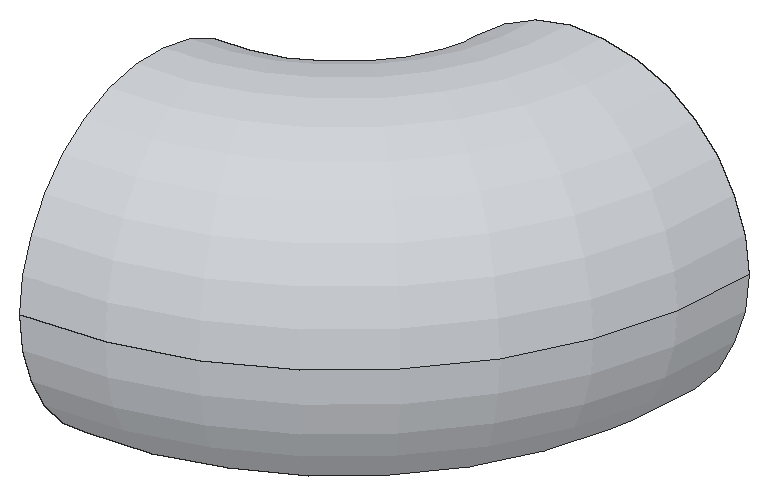
Revit family "M_Cotovelo - Soldado - Genérico", category Conexões de tubo, Revit 2019
Family settings
  Cota do conector redondo = Usar raio
  Tipo de parte = Cotovelo
  Número OmniClass = 23.60.30.11.14
  Título OmniClass = Pipework Fittings
  ID de item do Seek = Elbow - Welded - Generic-0000-CAN-ENU
  Com base no plano de trabalho = Não
  Sempre na vertical = Sim
  Corte com vazios quando carregada = Não
  Compartilhado = Não
Parameters (values of type "Padrão")
  Tamanho da marca de revisão [instance] = Diâmetro externo da conexão * 0.4  # 13.36 mm
  Raio nominal [instance] = 12.5 mm
  Diâmetro nominal [instance] = Raio nominal * 2  # 25 mm
  Método de perda = Coeficiente K da tabela
  Nome da tabela de pesquisa = "M_Elbow - Welded - Generic"
  Tabela de coeficiente K = "Cotovelo regular 45, 90 e 180"
  Raio externo da conexão [instance] = Diâmetro externo da conexão / 2  # 16.7 mm
  Diâmetro externo da conexão [instance] = size_lookup(Nome da tabela de pesquisa, "FOD", Diâmetro nominal + 10.418 mm, Diâmetro nominal)  # 33.4 mm
  Legenda do centro ao final [instance] = if(Centro ao final > (Raio externo da conexão + 3.2 mm) * tan(Ângulo / 2), Centro ao final, (Raio externo da conexão + 3.2 mm) * tan(Ângulo / 2))  # 25 mm
  Centro ao final [instance] = size_lookup(Nome da tabela de pesquisa, "CtE", 1.02 * Diâmetro nominal - 1.488 mm, Diâmetro nominal)  # 25 mm
  Raio do centro [instance] = if(Centro ao final / tan(Ângulo / 2) > Raio externo da conexão + 3.2 mm, Centro ao final / tan(Ângulo / 2), Raio externo da conexão + 3.2 mm)  # 25 mm
  Ângulo [instance] = 90.00°
Reference planes
  plane 1 "Centro (Frente/Trás)": y = 0
  plane 2: z = 0
  plane 3 "Centro (Esquerda/Direita)": x = 0
  plane 4: x = -25
  plane 5: y = 25
  plane 6: y = 13.36
  plane 7: y = -13.36
Forms (mm)
  Sweep 1, solid, detail levels fine
    path in 3D
      loop
        arc (-25, 0, 0) -> (-7.322, 7.322, 0) -> (0, 25, 0) r 25
    profile origin (-7.322, 7.322, 0) x (-0.707107, 0.707107, 0) y (0, 0, 1)
      loop
        circle (0, 0) r 16.7
Lines and regions (mm)
  reference lines
    curve 1: line (-25, 25, 0) -> (19.45, 25, 0)
    curve 2: arc (-25, 0, 0) -> (-7.322, 7.322, 0) -> (0, 25, 0) r 25
    curve 3: line (0, 0, 0) -> (0, 19.05, 0)
    curve 4: line (-13.36, 18.22, 0) -> (-13.36, 22.144, 0)
    curve 5: line (13.36, 15.444, 0) -> (13.36, 35.228, 0)
  model lines, detail levels coarse+medium
    curve 6: line (-13.36, 25, 0) -> (13.36, 25, 0)
    curve 7: arc (-25, 0, 0) -> (-7.322, 7.322, 0) -> (0, 25, 0) r 25
    curve 8: line (-25, 13.36, 0) -> (-25, -13.36, 0)
  sketch lines
    curve 9: arc (-25, 0, 0) -> (-7.322, 7.322, 0) -> (0, 25, 0) r 25
Dimensions and locks
  "Legenda do centro ao final": plane 4 to plane 3 "Centro (Esquerda/Direita)"
  "Raio do centro": plane 5 to plane 1 "Centro (Frente/Trás)"
  "Tamanho da marca de revisão": plane 6 to plane 1 "Centro (Frente/Trás)"
  "Tamanho da marca de revisão": plane 7 to plane 1 "Centro (Frente/Trás)"
  "Tamanho da marca de revisão": curve 3 to curve 4
  "Tamanho da marca de revisão": curve 5 to curve 3
  "Raio do centro": radius of curve 2
  "Raio externo da conexão": radius of Sweep 1 sketch curve
  "Ângulo": angle plane 4 to curve 1
  "Ângulo": angle curve 2 to curve 2
  "Ângulo": angle plane 1 "Centro (Frente/Trás)" to curve 3
  "Ângulo": angle curve 7 to curve 7
  aligned and locked: plane 4 to curve 1
  aligned and locked: plane 5 to curve 1
  aligned and locked: plane 5 to curve 2
  aligned and locked: plane 4 to curve 2  (x2)
  aligned and locked: plane 1 "Centro (Frente/Trás)" to curve 3
  aligned and locked: plane 3 "Centro (Esquerda/Direita)" to curve 3
  aligned and locked: curve 4 to curve 6
  aligned and locked: curve 5 to curve 6
  aligned and locked: curve 1 to curve 6
  aligned and locked: curve 7 to curve 2
  aligned and locked: plane 6 to curve 8
  aligned and locked: plane 7 to curve 8
  aligned and locked: curve 8 to plane 4
Automatic sketch dimensions
  curve 1 to curve 5 = 9.556 mm
  curve 1 to curve 4 = 6.78 mm
  curve 5 to curve 1 = 10.228 mm
  curve 3 to curve 4 = 3.094 mm
  Sweep 1 sketch curve to profile plane = 0 mm
  profile plane to Sweep 1 sketch curve = 0 mm
Connectors
  piping at (-25, 0, 0), diameter 25, driven by "Raio nominal", driven by "Ângulo"
    settings: on Sweep 1, index 1, connector inside diameter 25 mm, connector length 0 mm, flow factor 0, pipe flow 0.0 L/s, pressure drop 0.0 Pa, fitting loss kfactor 0, connector angle 90.00°, fixture units 0, engagement length 0 mm, angle of deflection 0.00°, flow configuration 0, flow direction 0, fitting loss method 0, system type 28, joint type 0, gender type 0, connector reference index 2, connector utility 0, adjustable connector no, is connector primary yes, connector description ""
  piping at (0, 25, 0), diameter 25, driven by "Raio nominal", driven by "Ângulo"
    settings: on Sweep 1, index 2, connector inside diameter 25 mm, connector length 0 mm, flow factor 0, pipe flow 0.0 L/s, pressure drop 0.0 Pa, fitting loss kfactor 0, connector angle 90.00°, fixture units 0, engagement length 0 mm, angle of deflection 0.00°, flow configuration 0, flow direction 0, fitting loss method 0, system type 28, joint type 0, gender type 0, connector reference index 1, connector utility 0, adjustable connector no, is connector primary no, connector description ""
